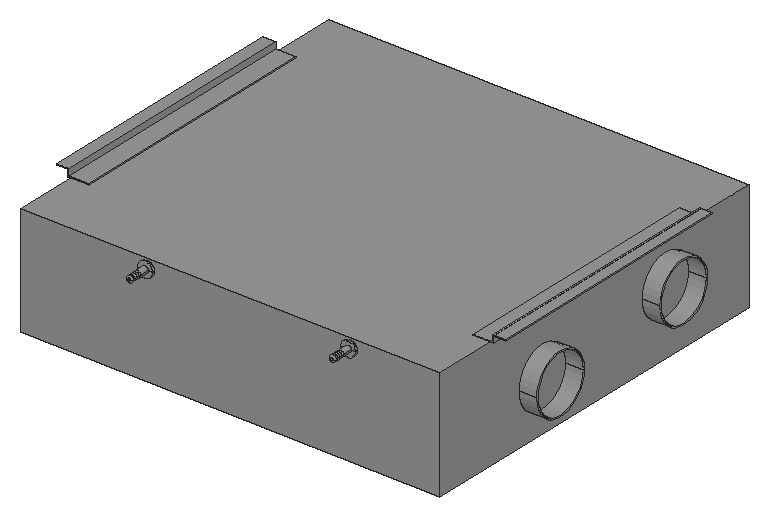
Revit family "ВУТ ПБ", category Mechanical Equipment, Revit 2021
Family settings
  Round Connector Dimension = Use Diameter
  Classification = None
  Part Type = Normal
  Work Plane-Based = No
  Always vertical = Yes
  Cut with Voids When Loaded = No
  Shared = No
  Room Calculation Point = No
Parameters (values of type "ВУТ 350 ПБ ЕС Л А21")
  Ширина = if(D = 150 mm, B + 20 mm, B + 85 mm)  # 1129 mm
  Частота = 50 Hz  # constant formula
  Установлена потужність = Струм * Напруга  # 299 VA
  Струм = 1.3 A
  Статичний тиск повітря [instance] = 0.0 Pa
  Потужність = 170 W
  Повітряний потік [instance] = 0.0 m³/h
  Напруга = if(Кількість фаз = 3, 400 V, 230 V)  # 230 V
  Максимальний потік повітря = 410.0 m³/h
  Кількість фаз = 1
  Класифікація навантаження = "HVAC"
  Manufacturer = "Вентс"  # constant formula
  Діаметр = D  # 160 mm
  Довжина = L + 100 mm  # 1238 mm
  Висота = H  # 320 mm
  Верхнее крепление = yes
  Рівень звукового тиску на відстані 3 м = "34 дБА"
  Правое = no
  Default Elevation = 0 mm
  Левое = yes
  Клас фільтрації = "G4, F7"
  Вага = 70.00 kg
  l6 = 282 mm
  l5 = 144 mm
  l4 = 119 mm
  l3 = 159 mm
  l22 = 144 mm
  l2 = 345 mm
  l = 50 mm  # constant formula
  h1 = 20 mm
  URL = "https://vents.ua/ua/series/vut-pb-ec"
  He = if(D = 150 mm, H / 2 + 83 mm, H / 2)  # 160 mm
  Le = B / 2 + 20 mm  # 542 mm
  Alfa = if(Левое, 180.00°, 0.00°)  # 180.00°
  09_Назва системи [instance] = ""
  00_20_Тип = "ВУТ 350 ПБ ЕС Л А21"
  00_20_Назва = "Припливно-витяжна установка"
  00_20_Виробник = "Вентс"  # constant formula
  -h = -H / 2  # -160 mm
  Матеріал зони обслуговуваня = none
  l222 = if(Левое, l2, if(Тип 180, 137 mm, l22))  # 345 mm
  L = 1138 mm
  H = 320 mm
  Dy = D - 5 mm  # 155 mm
  D = 160 mm
  Матеріал корпусу = Сталь, гальванізована
  B = 1044 mm
  A = 700 mm
  Тип 180 = no
Types (9, lengths in mm): name | Ширина | Установлена потужність | Струм | Потужність | Максимальний потік повітря | Діаметр | Довжина | Висота | Верхнее крепление | Рівень звукового тиску на відстані 3 м | Правое | Левое | Вага | l6 | l5 | l4 | l3 | l22 | l2 | h1 | URL | He | Le | Alfa | 00_20_Тип | -h | l222 | L | H | Dy | D | Матеріал корпусу | B | A | Тип 180
  (no name) | 1129 | 299 VA | 1.3 A | 170 W | 410.0 m³/h | 160 | 1238 | 320 | yes | "34 дБА" | no | yes | 70.00 kg | 282 | 144 | 119 | 159 | 144 | 345 | 20 | "https://vents.ua/ua/series/vut-pb-ec" | 160 | 542 | 180.00° | "ВУТ 350 ПБ ЕС Л А21" | -160 | 345 | 1138 | 320 | 155 | 160 | Сталь, гальванізована | 1044 | 700 | no
  ВУТ 160 ПБ ЕС Л А21 | 839 | 92 VA | 0.4 A | 50 W | 190.0 m³/h | 125 | 1108 | 320 | yes | "26 дБА" | no | yes | 48.00 kg | 216 | 123 | 128 | 159 | 144 | 245 | 20 | "https://vents.ua/ua/series/vut-pb-ec" | 160 | 397 | 180.00° | "ВУТ 160 ПБ ЕС Л А21" | -160 | 245 | 1008 | 320 | 120 | 125 | Сталь, гальванізована | 754 | 500 | no
  ВУТ 160 ПБ ЕС П А21 | 839 | 92 VA | 0.4 A | 50 W | 190.0 m³/h | 125 | 1108 | 320 | yes | "26 дБА" | yes | no | 48.00 kg | 245 | 245 | 159 | 128 | 216 | 123 | 20 | "https://vents.ua/ua/series/vut-pb-ec" | 160 | 397 | 0.00° | "ВУТ 160 ПБ ЕС П А21" | -160 | 216 | 1008 | 320 | 120 | 125 | Сталь, гальванізована | 754 | 500 | no
  ВУТ 250 ПБ ЕС П А21 | 839 | 184 VA | 0.8 A | 101 W | 270.0 m³/h | 125 | 1108 | 320 | yes | "28 дБА" | yes | no | 48.00 kg | 245 | 245 | 159 | 128 | 216 | 123 | 20 | "https://vents.ua/ua/series/vut-pb-ec" | 160 | 397 | 0.00° | "ВУТ 250 ПБ ЕС П А21" | -160 | 216 | 1008 | 320 | 120 | 125 | Сталь, гальванізована | 754 | 500 | no
  ВУТ 250 ПБ ЕС Л А21 | 839 | 184 VA | 0.8 A | 101 W | 270.0 m³/h | 125 | 1108 | 320 | yes | "28 дБА" | no | yes | 48.00 kg | 216 | 123 | 128 | 159 | 144 | 245 | 20 | "https://vents.ua/ua/series/vut-pb-ec" | 160 | 397 | 180.00° | "ВУТ 250 ПБ ЕС Л А21" | -160 | 245 | 1008 | 320 | 120 | 125 | Сталь, гальванізована | 754 | 500 | no
  ВУТ 350 ПБ ЕС Л А21 | 1129 | 299 VA | 1.3 A | 170 W | 410.0 m³/h | 160 | 1238 | 320 | yes | "34 дБА" | no | yes | 70.00 kg | 282 | 144 | 119 | 159 | 144 | 345 | 20 | "https://vents.ua/ua/series/vut-pb-ec" | 160 | 542 | 180.00° | "ВУТ 350 ПБ ЕС Л А21" | -160 | 345 | 1138 | 320 | 155 | 160 | Сталь, гальванізована | 1044 | 700 | no
  ВУТ 350 ПБ ЕС П А21 | 1129 | 299 VA | 1.3 A | 170 W | 410.0 m³/h | 160 | 1238 | 320 | yes | "34 дБА" | yes | no | 70.00 kg | 345 | 345 | 159 | 119 | 144 | 144 | 20 | "https://vents.ua/ua/series/vut-pb-ec" | 160 | 542 | 0.00° | "ВУТ 350 ПБ ЕС П А21" | -160 | 144 | 1138 | 320 | 155 | 160 | Сталь, гальванізована | 1044 | 700 | no
  ВУТ 180 П5Б ЕС А21 | 620 | 163.3 VA | 0.71 A | 87 W | 220.0 m³/h | 150 | 1000 | 264 | no | "33 дБА" | no | no | 14.00 kg | 137 | 137 | 132 | 132 | 144 | 137 | 0 | "https://vents.ua/product/vue-180-p5b-ec-a21/#description" | 215 | 320 | 0.00° | "ВУТ 180 П5Б ЕС А21" | -132 | 137 | 900 | 264 | 145 | 150 | Поліпропілен(чорний) | 600 | 500 | yes
  ВУЕ 180 П5Б ЕС А21 | 620 | 163.3 VA | 0.71 A | 87 W | 220.0 m³/h | 150 | 1000 | 264 | no | "33 дБА" | no | no | 14.00 kg | 137 | 137 | 132 | 132 | 144 | 137 | 0 | "https://vents.ua/product/vue-180-p5b-ec-a21/#description" | 215 | 320 | 0.00° | "ВУЕ 180 П5Б ЕС А21" | -132 | 137 | 900 | 264 | 145 | 150 | Поліпропілен(чорний) | 600 | 500 | yes
Reference planes
  plane 1 "По центру (Вперед/Назад)": y = 0
  plane 2: z = 0
  plane 3 "По центру (Влево/Вправо)": x = 0
  plane 4: y = 522
  plane 5: y = -522
  plane 6: x = 569
  plane 7: x = -569
  plane 8 "Centr": z = -160
Forms (mm)
  Extrusion 1, solid, material "Сталь, гальванізована" <- "Матеріал корпусу"
    sketch origin (0, 0, 0) x (1, 0, 0) y (0, 1, 0)
      loop
        line (-569, 522) -> (-569, -522) -> (569, -522) -> (569, 522) -> (-569, 522)
    from -320 to -20
  Extrusion 2, solid, material "Сталь, гальванізована" <- "Матеріал корпусу", visible <- "Верхнее крепление"
    sketch origin (0, 0, 0) x (1, 0, 0) y (0, 0, 1)
      loop
        line (-521, -20) -> (-521, -18) -> (-575, -18) -> (-575, 0) -> (-609, 0) -> (-609, -2) -> (-577, -2) -> (-577, -20) -> (-521, -20)
    from -350 to 350
  Extrusion 3, solid, material "Сталь, гальванізована" <- "Матеріал корпусу", visible <- "Верхнее крепление"
    sketch origin (0, 0, 0) x (-1, 0, 0) y (0, 0, -1)
      loop
        line (-521, 20) -> (-577, 20) -> (-577, 2) -> (-609, 2) -> (-609, 0) -> (-575, 0) -> (-575, 18) -> (-521, 18) -> (-521, 20)
    from -350 to 350
  Extrusion 4, solid, material "Сталь, гальванізована"
    sketch origin (0, -182.221, 9.797) x (0, 1, 0) y (0, 0, 1)
      loop
        circle (560.221, -148.797) r 80
      loop
        circle (560.221, -148.797) r 77.5
    from -619 to -569
  Extrusion 5, solid, material "Сталь, гальванізована"
    sketch origin (0, -542.221, 9.797) x (0, 1, 0) y (0, 0, 1)
      loop
        circle (365.221, -188.797) r 80
      loop
        circle (365.221, -188.797) r 77.5
    from -619 to -569
  Extrusion 6, solid, material "Сталь, гальванізована"
    sketch origin (0, -182.221, 9.797) x (0, 1, 0) y (0, 0, -1)
      loop
        circle (422.221, 148.797) r 80
      loop
        circle (422.221, 148.797) r 77.5
    from -619 to -569
  Extrusion 7, solid, material "Сталь, гальванізована"
    sketch origin (0, -542.221, 9.797) x (0, 1, 0) y (0, 0, -1)
      loop
        circle (365.221, 188.797) r 80
      loop
        circle (365.221, 188.797) r 77.5
    from -619 to -569
  Extrusion 8, solid, material "Сталь, гальванізована" <- "Матеріал корпусу", visible <- "Правое"
    sketch origin (-118.607, 0, 0) x (1, 0, 0) y (0, 1, 0)
      loop
        line (76.107, -522) -> (76.107, -607) -> (161.107, -607) -> (161.107, -522) -> (76.107, -522)
    from -320 to -290
  Extrusion 9, solid, material "Сталь, гальванізована", visible <- "Левое"
    sketch origin (-118.607, 0, 0) x (1, 0, 0) y (0, 1, 0)
      loop
        line (76.107, 522) -> (161.107, 522) -> (161.107, 607) -> (76.107, 607) -> (76.107, 522)
    from -320 to -290
  Extrusion 10, solid, material "Сталь, гальванізована", visible <- "Тип 180"
    sketch origin (0, 0, 0) x (0, 1, 0) y (0, 0, 1)
      loop
        line (524, -234) -> (524, -264) -> (-524, -264) -> (-524, -234) -> (-526, -234) -> (-526, -266) -> (526, -266) -> (526, -234) -> (524, -234)
    from 228.7 to 248.66
  Extrusion 11, solid, material "Сталь, гальванізована", visible <- "Тип 180"
    sketch origin (0, 0, 0) x (0, 1, 0) y (0, 0, -1)
      loop
        line (524, 234) -> (526, 234) -> (526, 266) -> (-526, 266) -> (-526, 234) -> (-524, 234) -> (-524, 264) -> (524, 264) -> (524, 234)
    from 228.7 to 248.66
  Extrusion 12, solid, material "Сталь, гальванізована", visible <- "Тип 180"
    sketch origin (0, 0, 0) x (1, 0, 0) y (0, 0, 1)
      loop
        line (50, -191.612) -> (50, -71.612) -> (-50, -71.612) -> (-50, -191.612) -> (50, -191.612)
    from 522 to 542
  Extrusion 13, solid, material "Сталь, гальванізована", visible <- "Тип 180"
    sketch origin (0, 0, 0) x (0, 1, 0) y (0, 0, 1)
      loop
        line (470, -217) -> (470, -47) -> (78, -47) -> (78, -217) -> (470, -217)
      loop
        line (-78, -217) -> (-78, -47) -> (-470, -47) -> (-470, -217) -> (-78, -217)
    from 569 to 570
  Extrusion 14, solid, material "Сталь, гальванізована", visible <- "Тип 180"
    sketch origin (0, 0, 0) x (0, 1, 0) y (0, 0, -1)
      loop
        line (470, 217) -> (78, 217) -> (78, 47) -> (470, 47) -> (470, 217)
      loop
        line (-78, 217) -> (-470, 217) -> (-470, 47) -> (-78, 47) -> (-78, 217)
    from 569 to 451
Lines and regions (mm)
  reference lines
    curve 1: line (0, 0, -160) -> (0, 542, -160)
Text (mm)
  text "Улица" at (-1513.225, 249.998, 0), in view "Опорный уровень"
  text "Помещение" at (1546.775, 249.998, 0), in view "Опорный уровень"
Dimensions and locks
  equal spacing: plane 7, plane 3 "По центру (Влево/Вправо)", plane 6
  "L": plane 7 to plane 6
  equal spacing: plane 4, plane 1 "По центру (Вперед/Назад)", plane 5
  "B": plane 4 to plane 5
  "H": level to Extrusion 1
  "l222": Extrusion 5 sketch curve to plane 5
  "l3": Extrusion 1 to Extrusion 5 sketch curve
  "l4": Extrusion 1 to Extrusion 4 sketch curve
  "l5": plane 4 to Extrusion 4 sketch curve
  "l": Extrusion 4 to plane 7
  "l": Extrusion 5 to plane 7
  "l3": Extrusion 7 sketch curve to Extrusion 1
  "l2": plane 5 to Extrusion 7 sketch curve
  "l4": Extrusion 1 to Extrusion 6 sketch curve
  "l6": Extrusion 6 sketch curve to plane 4
  "l": plane 6 to Extrusion 6
  "l": plane 6 to Extrusion 7
  equal spacing: Extrusion 2, plane 1 "По центру (Вперед/Назад)", Extrusion 2
  "A": Extrusion 2 to Extrusion 2
  equal spacing: Extrusion 3, plane 1 "По центру (Вперед/Назад)", Extrusion 3
  "A": Extrusion 3 to Extrusion 3
  "h1": level to Extrusion 1
  Extrusion 10 to Extrusion 10 = 19.96 mm
  locked: Extrusion 12 to plane 5 at 20
  locked: plane 6 to Extrusion 13 at 1
  "He": plane 8 "Centr" to level
  "Le": curve 1 to curve 1
  "D": diameter of Extrusion 4 sketch curve
  "D": diameter of Extrusion 5 sketch curve
  "D": diameter of Extrusion 6 sketch curve
  "D": diameter of Extrusion 7 sketch curve
  "Dy": diameter of Extrusion 4 sketch curve
  "Dy": diameter of Extrusion 5 sketch curve
  "Dy": diameter of Extrusion 7 sketch curve
  "Dy": diameter of Extrusion 6 sketch curve
  "Alfa": angle plane 8 "Centr" to curve 1
  aligned and locked: level to plane 2
  aligned and locked: Extrusion 1 sketch curve to plane 4
  aligned and locked: Extrusion 1 sketch curve to plane 7
  aligned and locked: plane 5 to Extrusion 1 sketch curve
  aligned and locked: plane 6 to Extrusion 1 sketch curve
  aligned and locked: nested 1 to plane 4
  aligned and locked: Extrusion 5 to plane 7
  aligned and locked: Extrusion 4 to plane 7
  aligned and locked: plane 6 to Extrusion 6
  aligned and locked: plane 6 to Extrusion 7
  aligned and locked: nested 2 to plane 5
  aligned and locked: plane 3 "По центру (Влево/Вправо)" to nested 2
  aligned and locked: plane 5 to nested 5
  aligned and locked: plane 3 "По центру (Влево/Вправо)" to nested 5
  aligned and locked: nested 3 to plane 5
  aligned and locked: nested 4 to plane 5
  aligned and locked: Extrusion 1 to Extrusion 8
  aligned and locked: nested 1 to plane 3 "По центру (Влево/Вправо)"
  aligned and locked: nested 6 to plane 4
  aligned and locked: plane 4 to nested 8
  aligned and locked: nested 7 to plane 4
  aligned and locked: Extrusion 9 to plane 4
  aligned and locked: plane 3 "По центру (Влево/Вправо)" to nested 9
  aligned and locked: nested 9 to plane 5
  aligned and locked: nested 10 to plane 4
  aligned and locked: nested 10 to plane 3 "По центру (Влево/Вправо)"
  aligned and locked: Extrusion 10 to nested 10
  aligned and locked: nested 10 to Extrusion 11
  aligned and locked: plane 5 to Extrusion 12
  aligned and locked: nested 11 to plane 5
  aligned and locked: nested 15 to plane 5
  aligned and locked: plane 5 to nested 16
  aligned and locked: plane 6 to Extrusion 13
  aligned and locked: Extrusion 14 to plane 7
  aligned and locked: nested 17 to plane 5
  aligned and locked: nested 18 to plane 5
  aligned and locked: nested 20 to plane 4
  aligned and locked: nested 19 to plane 4
  aligned and locked: plane 1 "По центру (Вперед/Назад)" to curve 1
  aligned and locked: plane 8 "Centr" to curve 1
Automatic sketch dimensions
  Extrusion 2 sketch curve to level = 0 mm
  plane 7 to Extrusion 2 sketch curve = 40 mm
  Extrusion 2 sketch curve to level = 2 mm
  plane 7 to Extrusion 2 sketch curve = 8 mm
  Extrusion 2 sketch curve to Extrusion 2 sketch curve = 2 mm  (x2)
  Extrusion 2 sketch curve to level = 18 mm
  Extrusion 2 sketch curve to plane 7 = 48 mm
  Extrusion 3 sketch curve to level = 0 mm
  Extrusion 3 sketch curve to plane 6 = 40 mm
  Extrusion 3 sketch curve to level = 2 mm
  Extrusion 3 sketch curve to plane 6 = 8 mm
  Extrusion 3 sketch curve to Extrusion 3 sketch curve = 2 mm  (x2)
  Extrusion 3 sketch curve to level = 18 mm
  plane 6 to Extrusion 3 sketch curve = 48 mm
  Extrusion 8 sketch curve to plane 5 = 0 mm
  Extrusion 8 sketch curve to plane 3 "По центру (Влево/Вправо)" = 42.5 mm
  plane 3 "По центру (Влево/Вправо)" to Extrusion 8 sketch curve = 42.5 mm
  Extrusion 8 sketch curve to plane 5 = 85 mm
  Extrusion 9 sketch curve to plane 4 = 0 mm
  plane 3 "По центру (Влево/Вправо)" to Extrusion 9 sketch curve = 42.5 mm
  Extrusion 9 sketch curve to plane 3 "По центру (Влево/Вправо)" = 42.5 mm
  Extrusion 9 sketch curve to Extrusion 9 sketch curve = 85 mm
  Extrusion 10 sketch curve to plane 5 = 4 mm
  Extrusion 10 sketch curve to plane 5 = 2 mm
  plane 4 to Extrusion 10 sketch curve = 2 mm
  Extrusion 10 sketch curve to Extrusion 10 sketch curve = 2 mm  (x2)
  Extrusion 10 sketch curve to level = 266 mm
  Extrusion 10 sketch curve to Extrusion 10 sketch curve = 30 mm  (x2)
  Extrusion 11 sketch curve to plane 5 = 4 mm
  Extrusion 11 sketch curve to plane 5 = 2 mm
  plane 4 to Extrusion 11 sketch curve = 2 mm
  Extrusion 11 sketch curve to Extrusion 11 sketch curve = 2 mm  (x2)
  Extrusion 11 sketch curve to level = 234 mm  (x2)
  Extrusion 11 sketch curve to Extrusion 11 sketch curve = 30 mm
  Extrusion 12 sketch curve to plane 3 "По центру (Влево/Вправо)" = 50 mm
  plane 3 "По центру (Влево/Вправо)" to Extrusion 12 sketch curve = 50 mm
  Extrusion 12 sketch curve to level = 191.612 mm
  Extrusion 12 sketch curve to level = 71.612 mm
  plane 5 to Extrusion 13 sketch curve = 52 mm
  plane 1 "По центру (Вперед/Назад)" to Extrusion 13 sketch curve = 78 mm
  Extrusion 13 sketch curve to plane 1 "По центру (Вперед/Назад)" = 78 mm
  Extrusion 13 sketch curve to plane 4 = 52 mm
  Extrusion 13 sketch curve to level = 217 mm  (x2)
  Extrusion 13 sketch curve to level = 47 mm  (x2)
  plane 5 to Extrusion 14 sketch curve = 52 mm
  plane 1 "По центру (Вперед/Назад)" to Extrusion 14 sketch curve = 78 mm
  Extrusion 14 sketch curve to plane 1 "По центру (Вперед/Назад)" = 78 mm
  Extrusion 14 sketch curve to plane 4 = 52 mm
  Extrusion 14 sketch curve to level = 47 mm  (x2)
  Extrusion 14 sketch curve to Extrusion 14 sketch curve = 170 mm  (x2)
  Extrusion 4 sketch curve to Extrusion 4 sketch curve = 0 mm  (x2)
  Extrusion 5 sketch curve to Extrusion 5 sketch curve = 0 mm  (x2)
  Extrusion 6 sketch curve to Extrusion 6 sketch curve = 0 mm  (x2)
  Extrusion 7 sketch curve to Extrusion 7 sketch curve = 0 mm  (x2)
Nested families
  nested 1: "Штуцер" at (0, 522, -160) x (0, 0, 1) z (0, 1, 0), built-in parameter 1001360 <- "-h", visible <- "Левое", type "24"
  nested 2: "Штуцер" at (0, -522, -160) x (0, 0, 1) z (0, -1, 0), built-in parameter 1001360 <- "-h", visible <- "Правое", type "24"
  nested 3: "Штуцер" at (-50, -522, -160) x (0, 0, 1) z (0, -1, 0), built-in parameter 1001360 <- "-h", visible <- "Правое", type "24"
  nested 4: "Штуцер" at (50, -522, -160) x (0, 0, 1) z (0, -1, 0), built-in parameter 1001360 <- "-h", visible <- "Правое", type "24"
  nested 5: "Штуцер" at (0, -522, -220) x (1, 0, 0) z (0, -1, 0), visible <- "Правое", type "24"
  nested 6: "Штуцер" at (-50, 522, -160) x (0, 0, 1) z (0, 1, 0), built-in parameter 1001360 <- "-h", visible <- "Левое", type "24"
  nested 7: "Штуцер" at (50, 522, -160) x (0, 0, 1) z (0, 1, 0), built-in parameter 1001360 <- "-h", visible <- "Левое", type "24"
  nested 8: "Штуцер" at (0, 522, -220) x (1, 0, 0) z (0, 1, 0), visible <- "Левое", type "24"
  nested 9: "Накладка" at (0, -522, 0), visible <- "Тип 180", type "Накладка"
  nested 10: "Накладка" at (0, 522, 0), visible <- "Тип 180", type "Накладка"
  nested 11: "Штуцер" at (20, -522, -214.5) x (0, 0, 1) z (0, -1, 0), visible <- "Тип 180", type "24"
  nested 12: "Штуцер" at (60, -300, -214.5) x (0, 0, 1) z (0, -1, 0), visible <- "Тип 180", type "24"
  nested 13: "Штуцер" at (-20, -300, -214.5) x (0, 0, 1) z (0, -1, 0), visible <- "Тип 180", type "24"
  nested 14: "Штуцер" at (-60, -300, -214.5) x (0, 0, 1) z (0, -1, 0), visible <- "Тип 180", type "24"
  nested 15: "Наконечник" at (-175, -522, -25), visible <- "Тип 180", type "Наконечник"
  nested 16: "Наконечник" at (175, -522, -25) x (-1, 0, 0) z (0, 0, 1), visible <- "Тип 180", type "Наконечник"
  nested 17: "Наконечник" at (324, -522, -45), visible <- "Левое", type "Наконечник"
  nested 18: "Наконечник" at (-226, -522, -45), visible <- "Левое", type "Наконечник"
  nested 19: "Наконечник" at (324, 522, -45), visible <- "Правое", type "Наконечник"
  nested 20: "Наконечник" at (-226, 522, -45), visible <- "Правое", type "Наконечник"
Connectors
  hvac at (-619, -177, -179), driven by "D"
    settings: on Extrusion 5, index 1, duct flow 0.0 m³/h, flow factor 0, pres drop 0.0 Pa, loss coef 0, conn angle 0.00°, conn width 304.8 mm, conn height 304.8 mm, conn diameter 160 mm, duct sys type 4, conn prof type 0, flow config 0, flow direction 0, loss method 0, conn ref index -1, conn util no, is conn primary yes, conn desc ""
  hvac at (-619, 378, -139), driven by "D"
    settings: on Extrusion 4, index 2, duct flow 0.0 m³/h, flow factor 0, pres drop 0.0 Pa, loss coef 0, conn angle 0.00°, conn width 304.8 mm, conn height 304.8 mm, conn diameter 160 mm, duct sys type 4, conn prof type 0, flow config 0, flow direction 0, loss method 0, conn ref index -1, conn util no, is conn primary no, conn desc ""
  hvac at (619, -177, -179), driven by "D"
    settings: on Extrusion 7, index 3, duct flow 0.0 m³/h, flow factor 0, pres drop 0.0 Pa, loss coef 0, conn angle 0.00°, conn width 304.8 mm, conn height 304.8 mm, conn diameter 160 mm, duct sys type 4, conn prof type 0, flow config 0, flow direction 0, loss method 0, conn ref index -1, conn util no, is conn primary no, conn desc ""
  hvac at (619, 240, -139), driven by "D"
    settings: on Extrusion 6, index 4, duct flow 0.0 m³/h, flow factor 0, pres drop 0.0 Pa, loss coef 0, conn angle 0.00°, conn width 304.8 mm, conn height 304.8 mm, conn diameter 160 mm, duct sys type 4, conn prof type 0, flow config 0, flow direction 0, loss method 0, conn ref index -1, conn util no, is conn primary no, conn desc ""
  piping at (324, 527, -45), diameter 16
    settings: on nested 19, index 5, connector inside diameter 609.6 mm, connector length 0 mm, flow factor 0, pipe flow 0.0 L/s, pressure drop 0.0 Pa, fitting loss kfactor 0, connector angle 0.00°, fixture units 0, engagement length 0 mm, angle of deflection 0.00°, flow configuration 0, flow direction 0, fitting loss method 0, system type 22, joint type 0, gender type 0, connector reference index -1, connector utility 0, adjustable connector no, is connector primary yes, connector description ""
  piping at (-226, 527, -45), diameter 16
    settings: on nested 20, index 6, connector inside diameter 609.6 mm, connector length 0 mm, flow factor 0, pipe flow 0.0 L/s, pressure drop 0.0 Pa, fitting loss kfactor 0, connector angle 0.00°, fixture units 0, engagement length 0 mm, angle of deflection 0.00°, flow configuration 0, flow direction 0, fitting loss method 0, system type 22, joint type 0, gender type 0, connector reference index -1, connector utility 0, adjustable connector no, is connector primary no, connector description ""
  piping at (324, -527, -45), diameter 16
    settings: on nested 17, index 7, connector inside diameter 609.6 mm, connector length 0 mm, flow factor 0, pipe flow 0.0 L/s, pressure drop 0.0 Pa, fitting loss kfactor 0, connector angle 0.00°, fixture units 0, engagement length 0 mm, angle of deflection 0.00°, flow configuration 0, flow direction 0, fitting loss method 0, system type 22, joint type 0, gender type 0, connector reference index -1, connector utility 0, adjustable connector no, is connector primary no, connector description ""
  piping at (175, -527, -25), diameter 16
    settings: on nested 16, index 8, connector inside diameter 609.6 mm, connector length 0 mm, flow factor 0, pipe flow 0.0 L/s, pressure drop 0.0 Pa, fitting loss kfactor 0, connector angle 0.00°, fixture units 0, engagement length 0 mm, angle of deflection 0.00°, flow configuration 0, flow direction 0, fitting loss method 0, system type 22, joint type 0, gender type 0, connector reference index -1, connector utility 0, adjustable connector no, is connector primary no, connector description ""
  piping at (-175, -527, -25), diameter 16
    settings: on nested 15, index 9, connector inside diameter 609.6 mm, connector length 0 mm, flow factor 0, pipe flow 0.0 L/s, pressure drop 0.0 Pa, fitting loss kfactor 0, connector angle 0.00°, fixture units 0, engagement length 0 mm, angle of deflection 0.00°, flow configuration 0, flow direction 0, fitting loss method 0, system type 22, joint type 0, gender type 0, connector reference index -1, connector utility 0, adjustable connector no, is connector primary no, connector description ""
  piping at (-226, -527, -45), diameter 16
    settings: on nested 18, index 10, connector inside diameter 609.6 mm, connector length 0 mm, flow factor 0, pipe flow 0.0 L/s, pressure drop 0.0 Pa, fitting loss kfactor 0, connector angle 0.00°, fixture units 0, engagement length 0 mm, angle of deflection 0.00°, flow configuration 0, flow direction 0, fitting loss method 0, system type 22, joint type 0, gender type 0, connector reference index -1, connector utility 0, adjustable connector no, is connector primary no, connector description ""
  electrical at (0, 542, -160), driven by "Напруга", driven by "Установлена потужність"
    settings: on curve 1, index 11, voltage 230 V, apparent load 299 VA, apparent load phase1 0 VA, apparent load phase2 0 VA, apparent load phase3 0 VA, power factor 1, load classification "Двигатель", number of poles 1, system type 30, power factor state 1, is connector primary yes, connector utility no, sub classification motor no, connector description ""
Definition of nested family "Штуцер"
  Parameters (values of type "32")
    Default Elevation = 0 mm
    r1 = r / 1.3333  # 12 mm
    r = 16 mm
    h3 = H / 3.2  # 10 mm
    h1 = H / 1.28  # 25 mm
    h4 = H / 6.4  # 5 mm
    H = 32 mm
    A = 2 * r * tan(30.00°)  # 18.475 mm
  Types (3, lengths in mm): name | r1 | r | h3 | h1 | h4 | H | A
    32 | 12 | 16 | 10 | 25 | 5 | 32 | 18.475
    24 | 9 | 12 | 7.5 | 18.75 | 3.75 | 24 | 13.856
    16 | 6 | 8 | 5 | 12.5 | 2.5 | 16 | 9.238
  Reference planes
    plane 1 "По центру (Вперед/Назад)": y = 0
    plane 2: z = 0
    plane 3 "По центру (Влево/Вправо)": x = 0
  Forms (mm)
    Extrusion 1, solid
      sketch origin (-129.783, 0, -1.583) x (-1, 0, 0) y (0, -1, 0)
        loop
          line (-129.783, -18.475) -> (-113.783, -9.238) -> (-113.783, 9.238) -> (-129.783, 18.475) -> (-145.783, 9.238) -> (-145.783, -9.238) -> (-129.783, -18.475)
      from 1.583 to 6.583
    Extrusion 2, solid
      sketch origin (-129.783, 0, 0) x (-1, 0, 0) y (0, -1, 0)
        loop
          circle (-129.783, 0) r 12
      from 5 to 10
    Extrusion 3, solid
      sketch origin (-129.783, 0, 14.25) x (-1, 0, 0) y (0, -1, 0)
        loop
          line (-129.783, -18.475) -> (-113.783, -9.238) -> (-113.783, 9.238) -> (-129.783, 18.475) -> (-145.783, 9.238) -> (-145.783, -9.238) -> (-129.783, -18.475)
      from -4.25 to 10.75
    Revolve 4, solid
      sketch origin (-129.783, 0, -5.678) x (-1, 0, 0) y (0, 0, -1)
        loop
          line (-117.783, -30.678) -> (-129.783, -30.678) -> (-129.783, -37.678) -> (-118.783, -37.678)
          arc (-118.783, -37.678) -> (-118.076, -37.385) -> (-117.783, -36.678) r 1
          line (-117.783, -36.678) -> (-117.783, -30.678)
        axis (-129.783, -37.678) -> (-129.783, -30.678)
      angle from 0 to 360
  Dimensions and locks
    "A": Extrusion 3 sketch curve to Extrusion 3 sketch curve  (x6)
    equal spacing: Extrusion 3 sketch curve, plane 1 "По центру (Вперед/Назад)", Extrusion 3 sketch curve  (x2)
    "A": Extrusion 3 sketch curve to plane 1 "По центру (Вперед/Назад)" to Extrusion 3 sketch curve
    "A": Extrusion 1 sketch curve to Extrusion 1 sketch curve  (x6)
    "A": Extrusion 1 sketch curve to plane 1 "По центру (Вперед/Назад)" to Extrusion 1 sketch curve
    "r1": plane 3 "По центру (Влево/Вправо)" to Revolve 4 sketch curve
    "H": level to Revolve 4 sketch curve
    "h1": level to Extrusion 3
    "h3": level to Extrusion 3
    "h1": level to Revolve 4 sketch curve
    "h3": level to Extrusion 2
    "h4": level to Extrusion 2
    "h4": level to Extrusion 1
    "r1": radius of Extrusion 2 sketch curve
    aligned and locked: level to plane 2
    aligned and locked: Extrusion 1 to Extrusion 2
    aligned and locked: Extrusion 1 to level
    aligned and locked: Extrusion 3 to Extrusion 2
  Automatic sketch dimensions
    Extrusion 1 sketch curve to plane 3 "По центру (Влево/Вправо)" = 0 mm  (x2)
    plane 1 "По центру (Вперед/Назад)" to Extrusion 2 sketch curve = 0 mm
    Extrusion 2 sketch curve to plane 3 "По центру (Влево/Вправо)" = 0 mm
    Extrusion 3 sketch curve to plane 3 "По центру (Влево/Вправо)" = 0 mm
    Revolve 4 sketch curve to plane 3 "По центру (Влево/Вправо)" = 0 mm  (x2)
    Revolve 4 sketch curve to Revolve 4 sketch curve = 1 mm
    level to Revolve 4 sketch curve = 1.702 mm
    Revolve 4 sketch curve to level = 6.18 mm
Definition of nested family "Накладка"
  Parameters
    Default Elevation = 0 mm
  Reference planes
    plane 1 "По центру (Вперед/Назад)": y = 0
    plane 2: z = 0
    plane 3 "По центру (Влево/Вправо)": x = 0
  Forms (mm)
    Extrusion 1, solid
      sketch origin (0, 0, 0) x (1, 0, 0) y (0, 0, 1)
        loop
          spline (-298.66, 0) -> (-302.431, -25.406) -> (-304.881, -50.914) -> (-307.337, -75.574) -> (-311.13, -98.439) -> (-317.587, -118.562) -> (-327.969, -135.068) -> (-341.97, -148.775) -> (-357.735, -162.175) -> (-373.343, -177.833) -> (-386.871, -198.313) -> (-396.397, -226.181) -> (-400, -264)
          line (-400, -264) -> (400, -264)
          spline (400, -264) -> (396.397, -226.181) -> (386.871, -198.313) -> (373.343, -177.833) -> (357.735, -162.175) -> (341.97, -148.775) -> (327.969, -135.068) -> (317.587, -118.562) -> (311.13, -98.439) -> (307.337, -75.574) -> (304.881, -50.914) -> (302.431, -25.406) -> (298.66, 0)
          line (298.66, 0) -> (-298.66, 0)
        loop
          line (-185.861, -57) -> (-251.16, -57) -> (-251.16, -77.315)
          arc (-251.16, -77.315) -> (-261.818, -119.562) -> (-291.241, -151.698) r 89.062
          line (-291.241, -151.698) -> (-313.361, -207) -> (-185.861, -207) -> (-185.861, -57)
        loop
          line (-150.109, -57) -> (-150.109, -207) -> (-104.052, -207) -> (-104.052, -191.612) -> (-84.052, -191.612) -> (-84.052, -71.612) -> (-104.052, -71.612) -> (-104.052, -57) -> (-150.109, -57)
        loop
          line (185.861, -57) -> (185.861, -207) -> (313.361, -207) -> (291.241, -151.698)
          arc (291.241, -151.698) -> (261.818, -119.562) -> (251.16, -77.315) r 89.062
          line (251.16, -77.315) -> (251.16, -57) -> (185.861, -57)
        loop
          line (150.109, -57) -> (104.052, -57) -> (104.052, -71.612) -> (84.052, -71.612) -> (84.052, -191.612) -> (104.052, -191.612) -> (104.052, -207) -> (150.109, -207) -> (150.109, -57)
      from 0 to 2
    Extrusion 2, solid
      sketch origin (0, 0, 0) x (1, 0, 0) y (0, 1, 0)
        loop
          line (-298.66, 0) -> (-248.66, 0) -> (-248.66, 22)
          arc (-248.66, 22) -> (-249.539, 24.121) -> (-251.66, 25) r 3
          line (-251.66, 25) -> (-295.66, 25)
          arc (-295.66, 25) -> (-297.781, 24.121) -> (-298.66, 22) r 3
          line (-298.66, 22) -> (-298.66, 0)
        loop
          line (-258.66, 18) -> (-288.66, 18)
          arc (-288.66, 18) -> (-290.781, 17.121) -> (-291.66, 15) r 3
          line (-291.66, 15) -> (-291.66, 10)
          arc (-291.66, 10) -> (-290.781, 7.879) -> (-288.66, 7) r 3
          line (-288.66, 7) -> (-258.66, 7)
          arc (-258.66, 7) -> (-256.539, 7.879) -> (-255.66, 10) r 3
          line (-255.66, 10) -> (-255.66, 15)
          arc (-255.66, 15) -> (-256.539, 17.121) -> (-258.66, 18) r 3
      from 0 to 2
    Extrusion 3, solid
      sketch origin (0, 0, 0) x (-1, 0, 0) y (0, -1, 0)
        loop
          line (-298.66, 0) -> (-298.66, -22)
          arc (-298.66, -22) -> (-297.781, -24.121) -> (-295.66, -25) r 3
          line (-295.66, -25) -> (-251.66, -25)
          arc (-251.66, -25) -> (-249.539, -24.121) -> (-248.66, -22) r 3
          line (-248.66, -22) -> (-248.66, 0) -> (-298.66, 0)
        loop
          arc (-258.66, -18) -> (-256.539, -17.121) -> (-255.66, -15) r 3
          line (-255.66, -15) -> (-255.66, -10)
          arc (-255.66, -10) -> (-256.539, -7.879) -> (-258.66, -7) r 3
          line (-258.66, -7) -> (-288.66, -7)
          arc (-288.66, -7) -> (-290.781, -7.879) -> (-291.66, -10) r 3
          line (-291.66, -10) -> (-291.66, -15)
          arc (-291.66, -15) -> (-290.781, -17.121) -> (-288.66, -18) r 3
          line (-288.66, -18) -> (-258.66, -18)
      from 0 to 2
    Extrusion 4, solid
      sketch origin (0, 0, -264) x (0, -1, 0) y (1, 0, 0)
        loop
          line (0, -298.66) -> (0, -248.66) -> (-22, -248.66)
          arc (-22, -248.66) -> (-24.121, -249.539) -> (-25, -251.66) r 3
          line (-25, -251.66) -> (-25, -295.66)
          arc (-25, -295.66) -> (-24.121, -297.781) -> (-22, -298.66) r 3
          line (-22, -298.66) -> (0, -298.66)
        loop
          line (-18, -258.66) -> (-18, -288.66)
          arc (-18, -288.66) -> (-17.121, -290.781) -> (-15, -291.66) r 3
          line (-15, -291.66) -> (-10, -291.66)
          arc (-10, -291.66) -> (-7.879, -290.781) -> (-7, -288.66) r 3
          line (-7, -288.66) -> (-7, -258.66)
          arc (-7, -258.66) -> (-7.879, -256.539) -> (-10, -255.66) r 3
          line (-10, -255.66) -> (-15, -255.66)
          arc (-15, -255.66) -> (-17.121, -256.539) -> (-18, -258.66) r 3
      from 0 to 2
    Extrusion 5, solid
      sketch origin (0, 0, -264) x (0, 1, 0) y (-1, 0, 0)
        loop
          line (0, -298.66) -> (22, -298.66)
          arc (22, -298.66) -> (24.121, -297.781) -> (25, -295.66) r 3
          line (25, -295.66) -> (25, -251.66)
          arc (25, -251.66) -> (24.121, -249.539) -> (22, -248.66) r 3
          line (22, -248.66) -> (0, -248.66) -> (0, -298.66)
        loop
          arc (18, -258.66) -> (17.121, -256.539) -> (15, -255.66) r 3
          line (15, -255.66) -> (10, -255.66)
          arc (10, -255.66) -> (7.879, -256.539) -> (7, -258.66) r 3
          line (7, -258.66) -> (7, -288.66)
          arc (7, -288.66) -> (7.879, -290.781) -> (10, -291.66) r 3
          line (10, -291.66) -> (15, -291.66)
          arc (15, -291.66) -> (17.121, -290.781) -> (18, -288.66) r 3
          line (18, -288.66) -> (18, -258.66)
      from 0 to 2
  Dimensions and locks
    aligned and locked: level to plane 2
  Automatic sketch dimensions
    Extrusion 1 sketch curve to level = 0 mm
    Extrusion 1 sketch curve to plane 3 "По центру (Влево/Вправо)" = 400 mm
    Extrusion 1 sketch curve to level = 77.315 mm  (x2)
    Extrusion 1 sketch curve to Extrusion 1 sketch curve = 59.778 mm
    Extrusion 1 sketch curve to Extrusion 1 sketch curve = 86.639 mm  (x2)
    Extrusion 1 sketch curve to Extrusion 1 sketch curve = 41.562 mm
    Extrusion 1 sketch curve to Extrusion 1 sketch curve = 22.121 mm  (x2)
    Extrusion 1 sketch curve to Extrusion 1 sketch curve = 47.5 mm  (x2)
    Extrusion 1 sketch curve to Extrusion 1 sketch curve = 105.379 mm
    Extrusion 1 sketch curve to Extrusion 1 sketch curve = 35.753 mm  (x2)
    Extrusion 1 sketch curve to Extrusion 1 sketch curve = 46.057 mm  (x3)
    Extrusion 1 sketch curve to Extrusion 1 sketch curve = 20 mm  (x3)
    plane 3 "По центру (Влево/Вправо)" to Extrusion 1 sketch curve = 84.052 mm
    Extrusion 1 sketch curve to Extrusion 1 sketch curve = 65.299 mm
    Extrusion 1 sketch curve to level = 151.698 mm
    Extrusion 1 sketch curve to Extrusion 1 sketch curve = 40.081 mm
    Extrusion 1 sketch curve to level = 191.612 mm
    Extrusion 1 sketch curve to Extrusion 1 sketch curve = 114.297 mm
    Extrusion 1 sketch curve to Extrusion 1 sketch curve = 15.388 mm  (x2)
    Extrusion 1 sketch curve to Extrusion 1 sketch curve = 0 mm
    Extrusion 1 sketch curve to Extrusion 1 sketch curve = 55.302 mm
    Extrusion 1 sketch curve to Extrusion 1 sketch curve = 57 mm
    Extrusion 1 sketch curve to level = 71.612 mm  (x2)
    Extrusion 1 sketch curve to Extrusion 1 sketch curve = 20.315 mm  (x2)
    Extrusion 1 sketch curve to Extrusion 1 sketch curve = 14.612 mm  (x2)
    plane 1 "По центру (Вперед/Назад)" to Extrusion 2 sketch curve = 0 mm
    Extrusion 2 sketch curve to plane 1 "По центру (Вперед/Назад)" = 22 mm
    Extrusion 2 sketch curve to plane 3 "По центру (Влево/Вправо)" = 298.66 mm
    Extrusion 2 sketch curve to Extrusion 2 sketch curve = 3 mm  (x4)
    Extrusion 2 sketch curve to Extrusion 2 sketch curve = 7 mm
    Extrusion 2 sketch curve to plane 1 "По центру (Вперед/Назад)" = 7 mm
    Extrusion 2 sketch curve to Extrusion 2 sketch curve = 30 mm
    Extrusion 2 sketch curve to Extrusion 2 sketch curve = 0 mm  (x2)
    Extrusion 2 sketch curve to Extrusion 2 sketch curve = 4 mm
    Extrusion 2 sketch curve to Extrusion 2 sketch curve = 10 mm
    Extrusion 2 sketch curve to Extrusion 2 sketch curve = 5 mm
    plane 1 "По центру (Вперед/Назад)" to Extrusion 3 sketch curve = 0 mm
    Extrusion 3 sketch curve to plane 1 "По центру (Вперед/Назад)" = 22 mm
    plane 3 "По центру (Влево/Вправо)" to Extrusion 3 sketch curve = 298.66 mm
    Extrusion 3 sketch curve to Extrusion 3 sketch curve = 3 mm  (x4)
    Extrusion 3 sketch curve to Extrusion 3 sketch curve = 7 mm
    Extrusion 3 sketch curve to plane 1 "По центру (Вперед/Назад)" = 7 mm
    Extrusion 3 sketch curve to Extrusion 3 sketch curve = 30 mm
    Extrusion 3 sketch curve to Extrusion 3 sketch curve = 0 mm
    Extrusion 3 sketch curve to Extrusion 3 sketch curve = 4 mm
    Extrusion 3 sketch curve to Extrusion 3 sketch curve = 10 mm
    Extrusion 3 sketch curve to Extrusion 3 sketch curve = 8 mm
    plane 1 "По центру (Вперед/Назад)" to Extrusion 4 sketch curve = 0 mm
    Extrusion 4 sketch curve to plane 1 "По центру (Вперед/Назад)" = 7 mm
    Extrusion 4 sketch curve to Extrusion 4 sketch curve = 3 mm  (x4)
    Extrusion 4 sketch curve to Extrusion 4 sketch curve = 5 mm  (x2)
    Extrusion 4 sketch curve to Extrusion 4 sketch curve = 4 mm  (x2)
    Extrusion 4 sketch curve to Extrusion 4 sketch curve = 7 mm  (x2)
    Extrusion 4 sketch curve to plane 3 "По центру (Влево/Вправо)" = 298.66 mm
    Extrusion 4 sketch curve to Extrusion 4 sketch curve = 30 mm
    Extrusion 4 sketch curve to Extrusion 4 sketch curve = 0 mm
    plane 1 "По центру (Вперед/Назад)" to Extrusion 5 sketch curve = 0 mm
    Extrusion 5 sketch curve to plane 1 "По центру (Вперед/Назад)" = 7 mm
    Extrusion 5 sketch curve to Extrusion 5 sketch curve = 3 mm  (x4)
    Extrusion 5 sketch curve to Extrusion 5 sketch curve = 5 mm  (x2)
    Extrusion 5 sketch curve to Extrusion 5 sketch curve = 7 mm  (x3)
    plane 3 "По центру (Влево/Вправо)" to Extrusion 5 sketch curve = 298.66 mm
    Extrusion 5 sketch curve to Extrusion 5 sketch curve = 30 mm
    Extrusion 5 sketch curve to Extrusion 5 sketch curve = 4 mm
Definition of nested family "Наконечник"
  Parameters (values of type "Наконечник")
    Default Elevation = 0 mm
  Reference planes
    plane 1 "По центру (Вперед/Назад)": y = 0
    plane 2: z = 0
    plane 3 "По центру (Влево/Вправо)": x = 0
  Forms (mm)
    Revolve 1, solid
      sketch origin (0, 360, 0) x (1, 0, 0) y (0, 1, 0)
        loop
          line (0, -420) -> (0, -360) -> (-20, -360) -> (-20, -365) -> (-8, -365) -> (-8, -391.878) -> (-6.177, -398.682) -> (-8, -398.682) -> (-6.177, -405.485) -> (-8, -405.485) -> (-6.177, -412.289) -> (-8, -412.289) -> (-8, -417)
          arc (-8, -417) -> (-7.121, -419.121) -> (-5, -420) r 3
          line (-5, -420) -> (0, -420)
        axis (0, -420) -> (0, -360)
      angle from 0 to 360
  Dimensions and locks
    aligned and locked: level to plane 2
